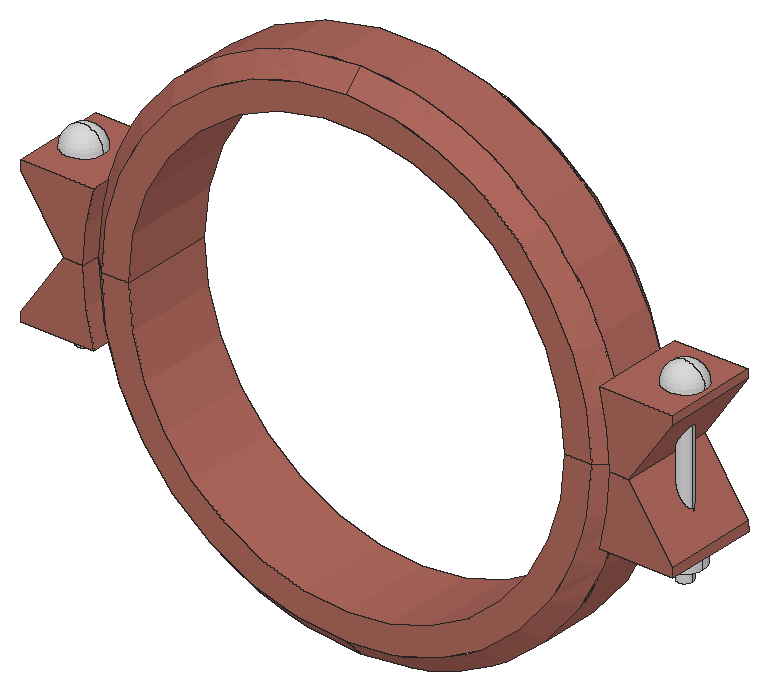
Revit family "Rigid Couplings-Zurn_Wilkins-FP23RA (114-12_inch)", category Pipe Accessories, Revit 2022
Family settings
  Round Connector Dimension = Use Radius
  Part Type = Valve - Breaks Into
  OmniClass Number = 23.65.55.14.11
  OmniClass Title = Inlet/Outlet Valves for Liquid Services
  Work Plane-Based = No
  Always vertical = Yes
  Cut with Voids When Loaded = No
  Shared = No
Parameters (values of type "12‐FP23RA (12" FP23RA)")
  Width = 1' - 0"
  URL = "https://www.zurn.com"
  Type Comments = ""
  Repair Parts URL = ""
  Product data URL = "https://www.bimobject.com/en/zurnindustries/product/zurn-fp23"
  Product Weight (lbs) = 23
  Product Page URL = "https://www.zurn.com/products/fire-protection/grooved-couplings-fittings/fp23"
  Product Installation Sheet URL = "https://files.zurn.com/care-cleaning-install-warranty-sheets/isfp23.pdf"
  Product Documentation Link = "https://files.zurn.com/spec-sheets/fp23-couplings.pdf"
  Outer Radius = DIM B / 2  # 0' - 7.24414"
  Nominal Radius = Nominal Diameter / 2  # 0' - 6"
  Nominal Diameter = 1' - 0"
  Modified Date = "10/09/25"  # constant formula
  Model = "12‐FP23RA"
  Max Working Water Temperature = 0 °F
  Max Working Water Pressure = 300.00 psi
  Manufacturer Brand = "Zurn Wilkins"  # constant formula
  Manufacturer = "Zurn Water, LLC"  # constant formula
  Main Material = Paint - Zurn - Ductile Iron Red
  Length = 2' - 0"
  L = 0' - 0 51/256"
  K = 0' - 0 51/128"
  J = 0' - 0 115/256"
  I = 0' - 1 13/128"
  Hydrostatic Test Pressure = 0.00 psi
  Height = 1' - 0"
  H = 0' - 0 179/256"
  G = 0' - 3 1/2"
  Flow Rate (GPM) = 0 GPM
  FP23F-SYMBOL = Flexible couplings-Zurn_Wilkins-FP23F_Symbol : 8‐FP23F
  F = 0' - 1 51/256"
  E = 1' - 0"
  Description = "RIGID ANGLE PAD COUPLINGS"
  Default Elevation = 0' - 0"
  Date Created = "10/09/25"  # constant formula
  D = 0' - 4"
  DIM C = 0' - 2 77/128"
  DIM B = 1' - 2 125/256"
  Cut length = 0' - 0 1/2"
  Center to end = DIM A / 2  # 0' - 8.97461"
  Assembly Code = "D2020300"
  DIM A = 1' - 5 243/256"
Types (11): name | Product Weight (lbs) | Outer Radius | Nominal Radius | Nominal Diameter | Model | L | K | J | I | H | G | FP23F-SYMBOL | F | E | D | DIM C | DIM B | Cut length | Center to end | DIM A
  (no name) | 23 | 0' - 7.24414" | 0' - 6" | 1' - 0" | "12‐FP23RA" | 0' - 0 51/256" | 0' - 0 51/128" | 0' - 0 115/256" | 0' - 1 13/128" | 0' - 0 179/256" | 0' - 3 1/2" | Flexible couplings-Zurn_Wilkins-FP23F_Symbol : 8‐FP23F | 0' - 1 51/256" | 1' - 0" | 0' - 4" | 0' - 2 77/128" | 1' - 2 125/256" | 0' - 0 1/2" | 0' - 8.97461" | 1' - 5 243/256"
  3‐FP23RA (3" FP23RA) | 2 | 0' - 2 39/128" | 0' - 1 1/2" | 0' - 3" | "3‐FP23RA" | 0' - 0 51/256" | 0' - 0.25621" | 0' - 0.26941" | 0' - 0 3/4" | 0' - 0 51/128" | 0' - 1 13/128" | Flexible couplings-Zurn_Wilkins-FP23F_Symbol : 3‐FP23F | 0' - 0 3/4" | 0' - 3 1/2" | 0' - 1 1/2" | 0' - 1 223/256" | 0' - 4 39/64" | 0' - 0 1/4" | 0' - 3.24023" | 0' - 6 123/256"
  114‐FP23RA (1 1/4" FP23RA) | 1 | 0' - 1 73/256" | 0' - 0 5/8" | 0' - 1 1/4" | "114‐FP23RA" | 0' - 0 19/128" | 0' - 0 51/256" | 0' - 0 11/64" | 0' - 0 1/2" | 0' - 0 85/256" | 0' - 0 51/128" | Flexible couplings-Zurn_Wilkins-FP23F_Symbol : 114‐FP23F | 0' - 0 77/128" | 0' - 2" | 0' - 0 179/256" | 0' - 1 109/128" | 0' - 2 73/128" | 0' - 0 51/256" | 0' - 2 11/128" | 0' - 4 11/64"
  112‐FP23RA (1 1/2" FP23RA) | 1 | 0' - 1.38477" | 0' - 0 3/4" | 0' - 1 1/2" | "112-FP23RA" | 0' - 0.13575" | 0' - 0.25621" | 0' - 0 51/256" | 0' - 0 77/128" | 0' - 0 85/256" | 0' - 0 1/2" | Flexible couplings-Zurn_Wilkins-FP23F_Symbol : 112‐FP23F | 0' - 0 77/128" | 0' - 2 51/256" | 0' - 0 205/256" | 0' - 1 109/128" | 0' - 2 197/256" | 0' - 0 51/256" | 0' - 2.18555" | 0' - 4 95/256"
  2‐FP23RA (2" FP23RA) | 2 | 0' - 1 173/256" | 0' - 1" | 0' - 2" | "2‐FP23RA" | 0' - 0.13575" | 0' - 0.25621" | 0' - 0 51/256" | 0' - 0 77/128" | 0' - 0 85/256" | 0' - 0 77/128" | Flexible couplings-Zurn_Wilkins-FP23F_Symbol : 2‐FP23F | 0' - 0 77/128" | 0' - 2 1/2" | 0' - 1" | 0' - 1 109/128" | 0' - 3 45/128" | 0' - 0 1/4" | 0' - 2 55/128" | 0' - 4 55/64"
  212‐FP23RA (2 1/2" FP23RA) | 2 | 0' - 1 121/128" | 0' - 1 1/4" | 0' - 2 1/2" | "212‐FP23RA" | 0' - 0.13575" | 0' - 0.25621" | 0' - 0 51/256" | 0' - 0 77/128" | 0' - 0 85/256" | 0' - 0 115/128" | Flexible couplings-Zurn_Wilkins-FP23F_Symbol : 212‐FP23F | 0' - 0 77/128" | 0' - 3" | 0' - 1 77/256" | 0' - 1 109/128" | 0' - 3 57/64" | 0' - 0 1/4" | 0' - 2.70508" | 0' - 5 105/256"
  4‐FP23RA (4" FP23RA) | 3 | 0' - 2 49/64" | 0' - 2" | 0' - 4" | "4‐FP23RA" | 0' - 0 51/256" | 0' - 0.25621" | 0' - 0.26941" | 0' - 0 3/4" | 0' - 0 115/256" | 0' - 1 1/2" | Flexible couplings-Zurn_Wilkins-FP23F_Symbol : 4‐FP23F | 0' - 0 205/256" | 0' - 4 51/256" | 0' - 2" | 0' - 2 13/256" | 0' - 5 17/32" | 0' - 0 1/4" | 0' - 3 179/256" | 0' - 7 51/128"
  6‐FP23RA (6" FP23RA) | 5 | 0' - 3.93555" | 0' - 3" | 0' - 6" | "6‐FP23RA" | 0' - 0 51/256" | 0' - 0 77/256" | 0' - 0 51/128" | 0' - 0 115/128" | 0' - 0 1/2" | 0' - 2 1/2" | Flexible couplings-Zurn_Wilkins-FP23F_Symbol : 6‐FP23F | 0' - 0 115/128" | 0' - 6" | 0' - 3" | 0' - 2 9/128" | 0' - 7 223/256" | 0' - 0 1/4" | 0' - 4.90039" | 0' - 9 205/256"
  8‐FP23RA (8" FP23RA) | 8 | 0' - 4 121/128" | 0' - 4" | 0' - 8" | "8‐FP23RA" | 0' - 0 51/256" | 0' - 0 51/128" | 0' - 0 115/256" | 0' - 1 13/128" | 0' - 0 179/256" | 0' - 3 1/2" | Flexible couplings-Zurn_Wilkins-FP23F_Symbol : 8‐FP23F | 0' - 1 51/256" | 0' - 8" | 0' - 4" | 0' - 2 133/256" | 0' - 9 57/64" | 0' - 0 77/256" | 0' - 6 77/256" | 1' - 0 77/128"
  10‐FP23RA (10" FP23RA) | 17 | 0' - 6.2207" | 0' - 5" | 0' - 10" | "10‐FP23RA" | 0' - 0 51/256" | 0' - 0 51/128" | 0' - 0 115/256" | 0' - 1 13/128" | 0' - 0 179/256" | 0' - 3 1/2" | Flexible couplings-Zurn_Wilkins-FP23F_Symbol : 8‐FP23F | 0' - 1 51/256" | 0' - 10" | 0' - 4" | 0' - 2 77/128" | 1' - 0 113/256" | 0' - 0 1/2" | 0' - 7 7/8" | 1' - 3 3/4"
  12‐FP23RA (12" FP23RA) | 23 | 0' - 7.24414" | 0' - 6" | 1' - 0" | "12‐FP23RA" | 0' - 0 51/256" | 0' - 0 51/128" | 0' - 0 115/256" | 0' - 1 13/128" | 0' - 0 179/256" | 0' - 3 1/2" | Flexible couplings-Zurn_Wilkins-FP23F_Symbol : 8‐FP23F | 0' - 1 51/256" | 1' - 0" | 0' - 4" | 0' - 2 77/128" | 1' - 2 125/256" | 0' - 0 1/2" | 0' - 8.97461" | 1' - 5 243/256"
Reference planes (in)
  plane 1 "Center (Front/Back)": y = 0
  plane 2: z = 0
  plane 3 "Center (Left/Right)": x = 0
  plane 4 "Left Side Plane": x = -12
  plane 5 "Right side Plane": x = 12
  plane 6 "Back Plane": y = 6
  plane 7 "Front Plane": y = -6
  plane 8 "Top Plane": z = 6
  plane 9 "Bottom Plane": z = -6
  plane 10: y = 1.30078
  plane 11: y = -1.30078
  plane 12: x = -8.97461
  plane 13: x = 8.97461
  plane 14: z = 2
  plane 15: z = -2
  plane 16: z = 1.75
  plane 17: z = -1.75
  plane 18: x = -7.77539
  plane 19: x = 7.77539
  plane 20: x = -8.27539
  plane 21: z = -2.44922
  plane 22: z = -2.84766
  plane 23: x = -8.07617
  plane 24: x = 8.27539
  plane 25: x = 8.07617
  plane 26: y = 1.30078
  plane 27: x = 8.97461
  plane 28: y = -1.30078
  plane 29: x = -8.97461
  plane 30: z = 7.24414
Forms (in)
  Extrusion 1, solid, material "Paint - Zurn - Ductile Iron Red", detail levels fine
    sketch origin (0, 0, 0) x (1, 0, 0) y (0, 0, 1)
      loop
        line (-6, 0) -> (-7.24414, 0)
        arc (-7.24414, 0) -> (0, -7.24414) -> (7.24414, 0) r 7.24414
        line (7.24414, 0) -> (6, 0)
        arc (6, 0) -> (0, -6) -> (-6, 0) r 6
    from -1.30078 to 1.30078
  Extrusion 2, solid, material "Paint - Zurn - Ductile Iron Red", detail levels fine
    sketch origin (0, 0, 0) x (1, 0, 0) y (0, 0, 1)
      loop
        line (-7.24414, 0) -> (-6, 0)
        arc (-6, 0) -> (0, 6) -> (6, 0) r 6
        line (6, 0) -> (7.24414, 0)
        arc (7.24414, 0) -> (0, 7.24414) -> (-7.24414, 0) r 7.24414
    from -1.30078 to 1.30078
  Extrusion 3, solid, material "Paint - Zurn - Ductile Iron Red", detail levels fine
    sketch origin (0, 0, 0) x (1, 0, 0) y (0, 0, 1)
      loop
        line (-6.96258, 2) -> (-8.97461, 2) -> (-8.97461, 1.75) -> (-7.77539, 0) -> (-7.24414, 0)
        arc (-7.24414, 0) -> (-7.17341, 1.00986) -> (-6.96258, 2) r 7.24414
    from -1.30078 to 1.30078
  Extrusion 4, solid, material "Paint - Zurn - Ductile Iron Red", detail levels fine
    sketch origin (0, 0, 0) x (1, 0, 0) y (0, 0, 1)
      loop
        line (-7.77539, 0) -> (-8.97461, -1.75) -> (-8.97461, -2) -> (-6.96258, -2)
        arc (-6.96258, -2) -> (-7.17341, -1.00986) -> (-7.24414, 0) r 7.24414
        line (-7.24414, 0) -> (-7.77539, 0)
    from -1.30078 to 1.30078
  Extrusion 5, solid, material "Paint - Zurn - Ductile Iron Red", detail levels fine
    sketch origin (0, 0, 0) x (1, 0, 0) y (0, 0, 1)
      loop
        arc (6.96258, 2) -> (7.17341, 1.00986) -> (7.24414, 0) r 7.24414
        line (7.24414, 0) -> (7.77539, 0) -> (8.97461, 1.75) -> (8.97461, 2) -> (6.96258, 2)
    from -1.30078 to 1.30078
  Extrusion 6, solid, material "Paint - Zurn - Ductile Iron Red", detail levels fine
    sketch origin (0, 0, 0) x (1, 0, 0) y (0, 0, 1)
      loop
        arc (7.24414, 0) -> (7.17341, -1.00986) -> (6.96258, -2) r 7.24414
        line (6.96258, -2) -> (8.97461, -2) -> (8.97461, -1.75) -> (7.77539, 0) -> (7.24414, 0)
    from -1.30078 to 1.30078
  Revolve 7, solid, material "Paint - Zurn - Silver", detail levels fine
    sketch origin (0, 0, 0) x (1, 0, 0) y (0, 0, 1)
      loop
        line (-8.27539, 2.55078) -> (-8.27539, 2) -> (-7.72461, 2)
        arc (-7.72461, 2) -> (-7.88593, 2.38946) -> (-8.27539, 2.55078) r 0.55078
      axis (-8.27539, 2) -> (-8.27539, 2.55078)
    angle from 0 to 360
  Revolve 8, solid, material "Paint - Zurn - Silver", detail levels fine
    sketch origin (0, 0, 0) x (1, 0, 0) y (0, 0, 1)
      loop
        line (-8.27539, 2) -> (-8.27539, -2.84766) -> (-8.07617, -2.84766) -> (-8.07617, -2.44922) -> (-7.77539, -2.44922) -> (-7.77539, -2) -> (-8.07617, -2) -> (-8.07617, 2) -> (-8.27539, 2)
      axis (-8.27539, 2) -> (-8.27539, -2.84766)
    angle from 0 to 360
  Revolve 9, solid, material "Paint - Zurn - Silver", detail levels fine
    sketch origin (0, 0, 0) x (1, 0, 0) y (0, 0, 1)
      loop
        arc (8.82617, 2) -> (8.66485, 2.38946) -> (8.27539, 2.55078) r 0.55078
        line (8.27539, 2.55078) -> (8.27539, 2) -> (8.82617, 2)
      axis (8.27539, 2) -> (8.27539, 2.55078)
    angle from 0 to 360
  Revolve 10, solid, material "Paint - Zurn - Silver", detail levels fine
    sketch origin (0, 0, 0) x (1, 0, 0) y (0, 0, 1)
      loop
        line (8.27539, 2) -> (8.07617, 2) -> (8.07617, -2) -> (7.77539, -2) -> (7.77539, -2.44922) -> (8.07617, -2.44922) -> (8.07617, -2.84766) -> (8.27539, -2.84766) -> (8.27539, 2)
      axis (8.27539, -2.84766) -> (8.27539, 2)
    angle from 0 to 360
  Revolve 11, void
    sketch origin (0, 0, 0) x (0, 1, 0) y (0, 0, 1)
      loop
        line (1.30078, 7.24414) -> (0.80078, 7.24414) -> (1.30078, 6.74414) -> (1.30078, 7.24414)
      loop
        line (-1.30078, 7.24414) -> (-1.30078, 6.74414) -> (-0.80078, 7.24414) -> (-1.30078, 7.24414)
      axis (1.30078, 0) -> (-1.30078, 0)
    angle from 0 to 360
Cuts and joins
  Revolve 11 cuts Extrusion 1
  Revolve 11 cuts Extrusion 2
  Revolve 11 cuts Extrusion 3
  Revolve 11 cuts Extrusion 4
  Revolve 11 cuts Extrusion 5
  Revolve 11 cuts Extrusion 6
Lines and regions (in)
  Masking region 1, detail levels fine
    outline origin (0, 0, 0) x (1, 0, 0) y (0, 1, 0)
      loop
        line (-8.97461, 1.30078) -> (-8.97461, -1.30078) -> (8.97461, -1.30078) -> (8.97461, 1.30078) -> (-8.97461, 1.30078)
Dimensions and locks (in)
  equal spacing: plane 5 "Right side Plane", plane 3 "Center (Left/Right)", plane 4 "Left Side Plane"
  "Length": plane 5 "Right side Plane" to plane 4 "Left Side Plane"
  equal spacing: plane 8 "Top Plane", plane 2, plane 9 "Bottom Plane"
  "Height": plane 8 "Top Plane" to plane 9 "Bottom Plane"
  equal spacing: plane 7 "Front Plane", plane 1 "Center (Front/Back)", plane 6 "Back Plane"
  "Width": plane 7 "Front Plane" to plane 6 "Back Plane"
  equal spacing: plane 10, plane 1 "Center (Front/Back)", plane 11
  "DIM C": plane 10 to plane 11
  equal spacing: plane 13, plane 3 "Center (Left/Right)", plane 12
  "DIM A": plane 13 to plane 12
  equal spacing: plane 14, level, plane 15
  "D": plane 14 to plane 15
  equal spacing: plane 16, level, plane 17
  "G": plane 16 to plane 17
  "F": plane 18 to plane 12
  "F": plane 13 to plane 19
  "H": plane 20 to plane 12
  "J": plane 15 to plane 21
  "K": plane 21 to plane 22
  "L": plane 23 to plane 20
  "H": plane 13 to plane 24
  "L": plane 24 to plane 25
  "Outer Radius": plane 30 to level
  "Cut length": plane 10 to Revolve 11 sketch curve
  "Cut length": plane 30 to Revolve 11 sketch curve  (x2)
  "Cut length": Revolve 11 sketch curve to plane 11
  "DIM B": diameter of Extrusion 1 sketch curve
  "E": diameter of Extrusion 1 sketch curve
  "DIM B": diameter of Extrusion 2 sketch curve
  "E": diameter of Extrusion 2 sketch curve
  "DIM B": diameter of Extrusion 3 sketch curve
  "DIM B": diameter of Extrusion 5 sketch curve
  "DIM B": diameter of Extrusion 6 sketch curve
  "I": diameter of Revolve 7 sketch curve
  "I": diameter of Revolve 9 sketch curve
  aligned and locked: plane 2 to level
  aligned and locked: plane 3 "Center (Left/Right)" to Extrusion 1 sketch curve  (x2)
  aligned and locked: level to Extrusion 1 sketch curve  (x2)
  aligned and locked: Extrusion 1 sketch curve to level  (x2)
  aligned and locked: Extrusion 1 to plane 10
  aligned and locked: plane 11 to Extrusion 1
  aligned and locked: plane 3 "Center (Left/Right)" to Extrusion 2 sketch curve  (x2)
  aligned and locked: level to Extrusion 2 sketch curve  (x2)
  aligned and locked: Extrusion 2 sketch curve to level  (x2)
  aligned and locked: Extrusion 2 to plane 10
  aligned and locked: plane 11 to Extrusion 2
  aligned and locked: plane 3 "Center (Left/Right)" to Extrusion 3 sketch curve
  aligned and locked: level to Extrusion 3 sketch curve
  aligned and locked: plane 14 to Extrusion 3 sketch curve
  aligned and locked: Extrusion 3 sketch curve to plane 12
  aligned and locked: plane 12 to Extrusion 3 sketch curve
  aligned and locked: plane 18 to Extrusion 3 sketch curve
  aligned and locked: Extrusion 3 sketch curve to level
  aligned and locked: Extrusion 3 to plane 10
  aligned and locked: plane 11 to Extrusion 3
  aligned and locked: Extrusion 4 sketch curve to level
  aligned and locked: Extrusion 4 sketch curve to plane 15
  aligned and locked: plane 12 to Extrusion 4 sketch curve
  aligned and locked: plane 17 to Extrusion 4 sketch curve
  aligned and locked: plane 18 to Extrusion 4 sketch curve
  aligned and locked: Extrusion 4 to plane 10
  aligned and locked: plane 11 to Extrusion 4
  aligned and locked: plane 3 "Center (Left/Right)" to Extrusion 5 sketch curve
  aligned and locked: level to Extrusion 5 sketch curve  (x2)
  aligned and locked: plane 14 to Extrusion 5 sketch curve
  aligned and locked: plane 13 to Extrusion 5 sketch curve
  aligned and locked: plane 19 to Extrusion 5 sketch curve
  aligned and locked: Extrusion 5 sketch curve to plane 13
  aligned and locked: plane 11 to Extrusion 5
  aligned and locked: Extrusion 5 to plane 10
  aligned and locked: plane 3 "Center (Left/Right)" to Extrusion 6 sketch curve
  aligned and locked: level to Extrusion 6 sketch curve
  aligned and locked: Extrusion 6 sketch curve to level
  aligned and locked: plane 13 to Extrusion 6 sketch curve
  aligned and locked: Extrusion 6 sketch curve to plane 15
  aligned and locked: Extrusion 6 sketch curve to plane 17
  aligned and locked: plane 19 to Extrusion 6 sketch curve
  aligned and locked: plane 11 to Extrusion 6
  aligned and locked: Extrusion 6 to plane 10
  aligned and locked: plane 14 to Revolve 7 sketch curve  (x2)
  aligned and locked: plane 20 to Revolve 7 sketch curve  (x2)
  aligned and locked: Revolve 7 sketch curve to plane 20
  aligned and locked: Revolve 8 sketch curve to plane 20  (x2)
  aligned and locked: plane 14 to Revolve 8 sketch curve
  aligned and locked: Revolve 8 sketch curve to plane 23  (x2)
  aligned and locked: plane 15 to Revolve 8 sketch curve
  aligned and locked: Revolve 8 sketch curve to plane 18
  aligned and locked: Revolve 8 sketch curve to plane 21
  aligned and locked: Revolve 8 sketch curve to plane 22
  aligned and locked: plane 24 to Revolve 9 sketch curve  (x2)
  aligned and locked: Revolve 9 sketch curve to plane 14
  aligned and locked: Revolve 9 sketch curve to plane 24
  aligned and locked: plane 14 to Revolve 9 sketch curve
  aligned and locked: Revolve 10 sketch curve to plane 14
  aligned and locked: Revolve 10 sketch curve to plane 24  (x2)
  aligned and locked: Revolve 10 sketch curve to plane 15
  aligned and locked: plane 19 to Revolve 10 sketch curve
  aligned and locked: Revolve 10 sketch curve to plane 25  (x2)
  aligned and locked: plane 22 to Revolve 10 sketch curve
  aligned and locked: plane 25 to Revolve 10 sketch curve
  aligned and locked: plane 21 to Revolve 10 sketch curve
  aligned and locked: Extrusion 4 sketch curve to Extrusion 3
  aligned and locked: plane 29 to Masking region 1 sketch curve  (x2)
  aligned and locked: Masking region 1 sketch curve to plane 26
  aligned and locked: plane 28 to Masking region 1 sketch curve  (x2)
  aligned and locked: plane 27 to Masking region 1 sketch curve  (x2)
  aligned and locked: plane 26 to Masking region 1 sketch curve
  aligned and locked: plane 1 "Center (Front/Back)" to nested 1
  aligned and locked: plane 3 "Center (Left/Right)" to nested 1
  aligned and locked: plane 28 to plane 11
  aligned and locked: plane 12 to plane 29
  aligned and locked: plane 13 to plane 27
  aligned and locked: plane 26 to plane 10
  aligned and locked: plane 30 to Revolve 11 sketch curve
  aligned and locked: Revolve 11 sketch curve to plane 10
  aligned and locked: Revolve 11 sketch curve to plane 30
  aligned and locked: Revolve 11 sketch curve to plane 11
  aligned and locked: plane 2 to Revolve 11 sketch curve
Automatic sketch dimensions
  Extrusion 3 sketch curve to plane 16 = 0' - 0"
  Extrusion 5 sketch curve to plane 16 = 0' - 0"
  Revolve 7 sketch curve to plane 14 = 0' - 0"
  Revolve 7 sketch curve to Revolve 7 sketch curve = 0' - 0.14778"
  Revolve 8 sketch curve to plane 14 = 0' - 0"
  Revolve 8 sketch curve to plane 22 = 0' - 0"
  Revolve 9 sketch curve to plane 14 = 0' - 0"
  Revolve 9 sketch curve to Revolve 9 sketch curve = 0' - 0.0329"
  Revolve 10 sketch curve to plane 15 = 0' - 0"
  Revolve 10 sketch curve to Revolve 10 sketch curve = 0' - 0.31856"
  plane 11 to Revolve 11 sketch curve = 0' - 1 19/128"
  Revolve 11 sketch curve to plane 10 = 0' - 1"
Nested families (in)
  nested 1: "Flexible couplings-Zurn_Wilkins-FP23F_Symbol" at (0, 0, 0), type <- "FP23F-SYMBOL", B <- "Center to end", type "8‐FP23F"
    with Product Install & Maintenance Sheet URL "", B 0' - 8.97461"
Connectors (in)
  piping at (0, 1.30078, 0), diameter 12, driven by "Nominal Radius"
    settings: on Extrusion 2, index 1, connector inside diameter 24", connector length 0' - 0", flow factor 0, pipe flow 0 GPM, pressure drop 0.00 psi, fitting loss kfactor 0, connector angle 0.00°, fixture units 0, engagement length 0' - 0", angle of deflection 0.00°, flow configuration 2, flow direction 1, fitting loss method 0, system type 29, joint type 0, gender type 0, connector reference index 2, connector utility 0, adjustable connector no, is connector primary yes, connector description "INLET"
  piping at (0, -1.30078, 0), diameter 12, driven by "Nominal Radius"
    settings: on Extrusion 2, index 2, connector inside diameter 24", connector length 0' - 0", flow factor 0, pipe flow 0 GPM, pressure drop 0.00 psi, fitting loss kfactor 0, connector angle 0.00°, fixture units 0, engagement length 0' - 0", angle of deflection 0.00°, flow configuration 2, flow direction 2, fitting loss method 0, system type 29, joint type 0, gender type 0, connector reference index 1, connector utility 0, adjustable connector no, is connector primary no, connector description "OUTLET"
Definition of nested family "Flexible couplings-Zurn_Wilkins-FP23F_Symbol"
  Parameters (values of type "4‐FP23F")
    Width = 1' - 0"
    Weight = ""
    URL = "www.zurn.com/"
    Standards Compliance = ""
    Specification Sheet URL = ""
    Repair Parts URL = ""
    Rated Flow = 0 GPM
    Product Page URL = ""
    Product Install & Maintenance Sheet URL [instance] = ""
    Pressure Loss at Rated Flow = 0.00 psi
    Nominal Radius = 0' - 0"
    Nominal Diameter = 0' - 0"
    Max Working Water Temperature = 0 °F
    Max Working Water Pressure = 0.00 psi
    Manufacturer = "Zurn Wilkins"
    Length = 2' - 0"
    Hydrostatic Test Pressure = 0.00 psi
    Height = 1' - 0"
    Flow = ""
    Default Elevation = 0' - 0"
    C = 0' - 1 119/128"
    B [instance] = 0' - 2"
    A = 0' - 7 123/256"
  Types (8): name | C | A
    114‐FP23F | 0' - 1 187/256" | 0' - 4 27/128"
    112‐FP23F | 0' - 1 187/256" | 0' - 4 95/256"
    2‐FP23F | 0' - 1 187/256" | 0' - 4 225/256"
    212‐FP23F | 0' - 1 197/256" | 0' - 5 55/128"
    3‐FP23F | 0' - 1 197/256" | 0' - 6 1/2"
    4‐FP23F | 0' - 1 119/128" | 0' - 7 123/256"
    6‐FP23F | 0' - 1 119/128" | 0' - 9 215/256"
    8‐FP23F | 0' - 2 41/128" | 1' - 0 143/256"
  Reference planes (in)
    plane 1 "Center (Front/Back)": y = 0
    plane 2: z = 0
    plane 3 "Center (Left/Right)": x = 0
    plane 4 "Left Side Plane": x = -12
    plane 5 "Right side Plane": x = 12
    plane 6 "Back Plane": y = 6
    plane 7 "Front Plane": y = -6
    plane 8 "Top Plane": z = 6
    plane 9 "Bottom Plane": z = -6
    plane 10: y = 0.96484
    plane 11: y = -0.96484
    plane 12: x = -3.74023
    plane 13: x = 3.74023
    plane 14: z = 0.5
    plane 15: z = -0.5
  Lines and regions (in)
    symbolic lines, detail levels coarse+medium
      curve 1: line (0, 0.96484, 0) -> (0, -0.96484, 0)
      curve 2: line (0, 0, 0.5) -> (0, 0, -0.5)
      curve 3: line (0, 0, 2) -> (0, 0, -1.75)
      curve 6: line (2, 0, 0) -> (-2, 0, 0)
    model lines, detail levels coarse+medium
      curve 4: line (0, 0.96484, 0) -> (0, -0.96484, 0)
      curve 5: line (-3.74023, 0, 0) -> (3.74023, 0, 0)
  Dimensions and locks (in)
    equal spacing: plane 5 "Right side Plane", plane 3 "Center (Left/Right)", plane 4 "Left Side Plane"
    "Length": plane 5 "Right side Plane" to plane 4 "Left Side Plane"
    equal spacing: plane 8 "Top Plane", plane 2, plane 9 "Bottom Plane"
    "Height": plane 8 "Top Plane" to plane 9 "Bottom Plane"
    equal spacing: plane 7 "Front Plane", plane 1 "Center (Front/Back)", plane 6 "Back Plane"
    "Width": plane 7 "Front Plane" to plane 6 "Back Plane"
    equal spacing: plane 12, plane 3 "Center (Left/Right)", plane 13  (x2)
    equal spacing: plane 10, plane 1 "Center (Front/Back)", plane 11
    "A": plane 12 to plane 13
    "C": plane 10 to plane 11
    equal spacing: plane 14, level, plane 15
    locked: plane 14 to level at 0.5
    equal spacing: curve 6, plane 3 "Center (Left/Right)", curve 6
    "B": plane 3 "Center (Left/Right)" to curve 6
    aligned and locked: plane 2 to level
    aligned and locked: curve 1 to level
    aligned and locked: plane 10 to curve 1
    aligned and locked: plane 11 to curve 1
    aligned and locked: curve 3 to plane 3 "Center (Left/Right)"
    aligned and locked: curve 4 to plane 3 "Center (Left/Right)"
    aligned and locked: plane 1 "Center (Front/Back)" to curve 5
    aligned and locked: plane 10 to curve 4
    aligned and locked: plane 11 to curve 4
    aligned and locked: plane 13 to curve 5
    aligned and locked: plane 12 to curve 5
    aligned and locked: curve 2 to plane 1 "Center (Front/Back)"
    aligned and locked: plane 14 to curve 2
    aligned and locked: plane 15 to curve 2
    aligned and locked: level to curve 6
  Automatic sketch dimensions
    curve 3 to plane 15 = 0' - 1 1/4"
    plane 14 to curve 3 = 0' - 1 1/2"
